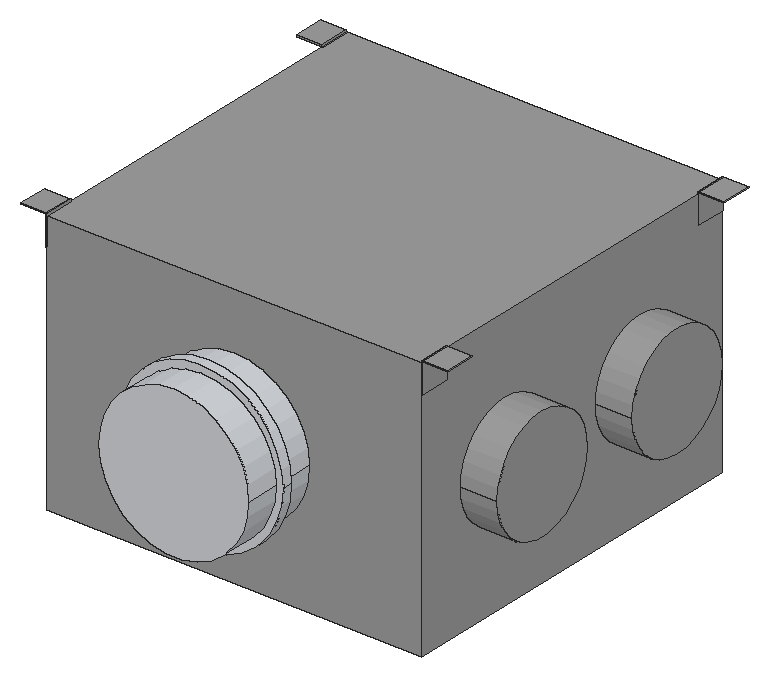
Revit family "SA_FASU(F4-150 200Φ)", category ダクト付属品, Revit 2022
Family settings
  丸型コネクタ寸法 = 直径を使用
  パーツ タイプ = ダンパー
  OmniClass 番号 = 23.75.00.00
  OmniClass タイトル = Climate Control (HVAC)
  作業面ベース = いいえ
  常に垂直 = はい
  ロード時にボイドで切り取り = いいえ
  共有 = いいえ
Parameters
  高さ = 350 mm
  風量 = 0.0 L/s
  符号 = "FASU"
  形式 = "F4-150 200φ"
  幅 [instance] = 500 mm
  奥行き = 500 mm
  大きさ = 200 mm
  呼称 = "FASUチャンバー"
  付属品_下端レベル [instance] = 0 mm
  マテリアル [instance] = 既定値
  ダクト_イン = 200 mm
  ダクト_アウト = 150 mm
  既定の高さ = 0 mm
Reference planes
  plane 1 "中心(正面/背面)": y = 0
  plane 2: z = 0
  plane 3 "中心(左/右)": x = 0
  plane 4: x = -250
  plane 5: x = 250
  plane 6: y = -500
  plane 7: z = 350
  plane 8: z = 175
  plane 9: z = 266.963
  plane 10: z = 86.159
  plane 11: x = -251
  plane 12: z = 313.122
  plane 13: z = 352.122
  plane 14: y = -250
Forms (mm)
  Extrusion 1, solid, material "既定値" <- "マテリアル"
    sketch origin (0, 0, 0) x (1, 0, 0) y (0, 1, 0)
      loop
        line (-250, 0) -> (-250, -500) -> (250, -500) -> (250, 0) -> (-250, 0)
    from 0 to 350
  Extrusion 2, solid, material "既定値" <- "マテリアル"
    sketch origin (0, -30, 0) x (0, 1, 0) y (0, 0, 1)
      loop
        circle (-332.5, 175) r 74.985
    from -300 to -250
  Extrusion 3, solid, material "既定値" <- "マテリアル"
    sketch origin (550, -30, 0) x (0, 1, 0) y (0, 0, 1)
      loop
        circle (-332.5, 175) r 74.985
    from -300 to -250
  Extrusion 4, solid, material "既定値" <- "マテリアル"
    sketch origin (0, -30, 0) x (1, 0, 0) y (0, 1, 0)
      loop
        line (-250, 30) -> (-251, 30) -> (-251, -10) -> (-250, -10) -> (-250, 30)
    from 313.122 to 350
  Extrusion 5, solid, material "既定値" <- "マテリアル"
    sketch origin (0, -30, 0) x (1, 0, 0) y (0, 1, 0)
      loop
        line (-285, 30) -> (-285, -10) -> (-251, -10) -> (-251, 30) -> (-285, 30)
    from 352.122 to 350
  Extrusion 6, solid, material "既定値" <- "マテリアル"
    sketch origin (0, -30, 0) x (-1, 0, 0) y (0, -1, 0)
      loop
        line (-250, -30) -> (-250, 10) -> (-251, 10) -> (-251, -30) -> (-250, -30)
    from 313.122 to 353.122
  Extrusion 7, solid, material "既定値" <- "マテリアル"
    sketch origin (0, -30, 0) x (-1, 0, 0) y (0, -1, 0)
      loop
        line (-285, -30) -> (-251, -30) -> (-251, 10) -> (-285, 10) -> (-285, -30)
    from 352.122 to 353.122
  Extrusion 8, solid, material "既定値" <- "マテリアル"
    sketch origin (0, -490, 0) x (1, 0, 0) y (0, 1, 0)
      loop
        line (-285, 30) -> (-285, -10) -> (-251, -10) -> (-251, 30) -> (-285, 30)
    from 352.122 to 353.122
  Extrusion 9, solid, material "既定値" <- "マテリアル"
    sketch origin (0, -490, 0) x (1, 0, 0) y (0, 1, 0)
      loop
        line (-250, 30) -> (-251, 30) -> (-251, -10) -> (-250, -10) -> (-250, 30)
    from 313.122 to 353.122
  Extrusion 10, solid, material "既定値" <- "マテリアル"
    sketch origin (0, -490, 0) x (-1, 0, 0) y (0, -1, 0)
      loop
        line (-285, -30) -> (-251, -30) -> (-251, 10) -> (-285, 10) -> (-285, -30)
    from 352.122 to 353.122
  Extrusion 11, solid, material "既定値" <- "マテリアル"
    sketch origin (0, -490, 0) x (-1, 0, 0) y (0, -1, 0)
      loop
        line (-250, -30) -> (-250, 10) -> (-251, 10) -> (-251, -30) -> (-250, -30)
    from 313.122 to 353.122
  Extrusion 12, solid, material "既定値" <- "マテリアル"
    sketch origin (550, -470, 0) x (0, -1, 0) y (0, 0, -1)
      loop
        circle (-332.5, -175) r 74.985
    from -300 to -250
  Extrusion 13, solid, material "既定値" <- "マテリアル"
    sketch origin (-550, -470, 0) x (0, -1, 0) y (0, 0, 1)
      loop
        circle (-332.5, 175) r 74.985
    from -300 to -250
  Extrusion 14, solid
    sketch origin (945.05, 0, 42.896) x (1, 0, 0) y (0, 0, 1)
      loop
        circle (-945.05, 132.104) r 100
    from 500 to 542.5
  Extrusion 15, solid
    sketch origin (945.05, -57.5, 42.896) x (1, 0, 0) y (0, 0, 1)
      loop
        circle (-945.05, 132.104) r 100
    from 497.907 to 542.5
  Extrusion 16, solid
    sketch origin (0, 0, 0) x (1, 0, 0) y (0, 0, 1)
      loop
        circle (0, 175) r 110
    from 542.5 to 555.407
Lines and regions (mm)
  model lines
    curve 1: line (-250, -30, 0) -> (250, -30, 0)
    curve 2: line (-250, -470, 0) -> (250, -470, 0)
Text (mm)
  text "FASU(F4-150 200Φ)" at (120.822, -450.782, 0), in view "参照レベル"
Dimensions and locks
  equal spacing: plane 4, plane 3 "中心(左/右)", plane 5
  "幅": plane 4 to plane 5
  "奥行き": plane 6 to plane 1 "中心(正面/背面)"
  "高さ": plane 7 to level
  equal spacing: plane 7, plane 8, level
  equal spacing: plane 6, plane 14, plane 1 "中心(正面/背面)"
  aligned and locked: level to plane 2
  aligned and locked: Extrusion 1 sketch curve to plane 5
  aligned and locked: plane 7 to Extrusion 1
  aligned and locked: plane 4 to Extrusion 2
  aligned and locked: Extrusion 3 to plane 5
  aligned and locked: Extrusion 4 sketch curve to Extrusion 1
  aligned and locked: plane 7 to Extrusion 4
  aligned and locked: Extrusion 5 sketch curve to Extrusion 4
  aligned and locked: Extrusion 4 to Extrusion 5 sketch curve
  aligned and locked: plane 7 to Extrusion 5
  aligned and locked: Extrusion 5 to plane 13
  aligned and locked: Extrusion 6 to Extrusion 7 sketch curve
  aligned and locked: Extrusion 7 sketch curve to Extrusion 6
  aligned and locked: Extrusion 1 to Extrusion 10
  aligned and locked: Extrusion 8 to Extrusion 1
  aligned and locked: Extrusion 9 to Extrusion 1
  aligned and locked: Extrusion 1 to Extrusion 11
  aligned and locked: Extrusion 11 to Extrusion 10
  aligned and locked: Extrusion 9 to Extrusion 8
  aligned and locked: plane 4 to Extrusion 9
  aligned and locked: Extrusion 11 to plane 5
  aligned and locked: plane 4 to curve 1
  aligned and locked: plane 5 to curve 1
  aligned and locked: plane 5 to curve 2
  aligned and locked: plane 4 to curve 2
  aligned and locked: Extrusion 1 to Extrusion 5
  aligned and locked: Extrusion 7 to Extrusion 1
  aligned and locked: Extrusion 6 to plane 5
  aligned and locked: Extrusion 1 to plane 6
  aligned and locked: Extrusion 1 to plane 1 "中心(正面/背面)"
  aligned and locked: Extrusion 12 to plane 5
  aligned and locked: plane 4 to Extrusion 13
  aligned and locked: plane 6 to Extrusion 14
  aligned and locked: Extrusion 14 to Extrusion 16
  aligned and locked: Extrusion 16 to Extrusion 15
Automatic sketch dimensions
  plane 6 to curve 2 = 30 mm
  plane 1 "中心(正面/背面)" to curve 1 = 30 mm
  Extrusion 1 sketch curve to plane 4 = 0 mm
  Extrusion 1 sketch curve to plane 6 = 0 mm
  plane 1 "中心(正面/背面)" to Extrusion 1 sketch curve = 0 mm
  Extrusion 2 sketch curve to plane 8 = 0 mm
  Extrusion 2 sketch curve to plane 14 = 112.5 mm
  Extrusion 3 sketch curve to plane 8 = 0 mm
  Extrusion 3 sketch curve to plane 14 = 112.5 mm
  plane 1 "中心(正面/背面)" to Extrusion 4 sketch curve = 0 mm
  Extrusion 4 sketch curve to plane 11 = 0 mm
  Extrusion 4 sketch curve to Extrusion 4 sketch curve = 40 mm
  plane 1 "中心(正面/背面)" to Extrusion 5 sketch curve = 0 mm
  Extrusion 5 sketch curve to Extrusion 5 sketch curve = 34 mm
  plane 1 "中心(正面/背面)" to Extrusion 6 sketch curve = 0 mm
  Extrusion 6 sketch curve to plane 5 = 0 mm
  Extrusion 6 sketch curve to Extrusion 6 sketch curve = 1 mm
  Extrusion 6 sketch curve to Extrusion 6 sketch curve = 40 mm
  plane 1 "中心(正面/背面)" to Extrusion 7 sketch curve = 0 mm
  Extrusion 7 sketch curve to Extrusion 7 sketch curve = 34 mm
  Extrusion 8 sketch curve to plane 6 = 0 mm
  Extrusion 8 sketch curve to plane 11 = 0 mm
  Extrusion 8 sketch curve to Extrusion 8 sketch curve = 34 mm
  plane 6 to Extrusion 8 sketch curve = 40 mm
  Extrusion 9 sketch curve to plane 11 = 0 mm
  Extrusion 9 sketch curve to plane 4 = 0 mm
  Extrusion 9 sketch curve to plane 6 = 0 mm
  plane 6 to Extrusion 9 sketch curve = 40 mm
  Extrusion 10 sketch curve to plane 6 = 0 mm
  Extrusion 10 sketch curve to plane 5 = 35 mm
  Extrusion 10 sketch curve to plane 5 = 1 mm
  Extrusion 10 sketch curve to plane 6 = 40 mm
  Extrusion 11 sketch curve to plane 6 = 0 mm
  Extrusion 11 sketch curve to plane 5 = 0 mm
  Extrusion 11 sketch curve to Extrusion 11 sketch curve = 1 mm
  Extrusion 11 sketch curve to plane 6 = 40 mm
  Extrusion 12 sketch curve to plane 8 = 0 mm
  plane 14 to Extrusion 12 sketch curve = 112.5 mm
  Extrusion 13 sketch curve to plane 8 = 0 mm
  plane 14 to Extrusion 13 sketch curve = 112.5 mm
  Extrusion 14 sketch curve to plane 3 "中心(左/右)" = 0 mm
  Extrusion 14 sketch curve to plane 8 = 0 mm
  Extrusion 15 sketch curve to plane 3 "中心(左/右)" = 0 mm
  plane 8 to Extrusion 15 sketch curve = 0 mm
  Extrusion 16 sketch curve to plane 3 "中心(左/右)" = 0 mm
  Extrusion 16 sketch curve to plane 8 = 0 mm
  radius of Extrusion 2 sketch curve = 74.985 mm
  radius of Extrusion 3 sketch curve = 74.985 mm
  radius of Extrusion 12 sketch curve = 74.985 mm
  radius of Extrusion 13 sketch curve = 74.985 mm
  radius of Extrusion 14 sketch curve = 100 mm
  radius of Extrusion 15 sketch curve = 100 mm
  radius of Extrusion 16 sketch curve = 110 mm
Connectors
  hvac at (-300, -362.5, 175), driven by "ダクト_アウト"
    settings: on Extrusion 2, index 1, duct flow 0.0 L/s, flow factor 0, pres drop 0.0 Pa, loss coef 0, conn angle 0.00°, conn width 304.8 mm, conn height 304.8 mm, conn diameter 150 mm, duct sys type 29, conn prof type 0, flow config 0, flow direction 2, loss method 0, conn ref index -1, conn util no, is conn primary yes, conn desc ""
  hvac at (-300, -137.5, 175), driven by "ダクト_アウト"
    settings: on Extrusion 13, index 2, duct flow 0.0 L/s, flow factor 0, pres drop 0.0 Pa, loss coef 0, conn angle 0.00°, conn width 304.8 mm, conn height 304.8 mm, conn diameter 150 mm, duct sys type 29, conn prof type 0, flow config 0, flow direction 2, loss method 0, conn ref index -1, conn util no, is conn primary no, conn desc ""
  hvac at (300, -362.5, 175), driven by "ダクト_アウト"
    settings: on Extrusion 3, index 3, duct flow 0.0 L/s, flow factor 0, pres drop 0.0 Pa, loss coef 0, conn angle 0.00°, conn width 304.8 mm, conn height 304.8 mm, conn diameter 150 mm, duct sys type 29, conn prof type 0, flow config 0, flow direction 2, loss method 0, conn ref index -1, conn util no, is conn primary no, conn desc ""
  hvac at (300, -137.5, 175), driven by "ダクト_アウト"
    settings: on Extrusion 12, index 4, duct flow 0.0 L/s, flow factor 0, pres drop 0.0 Pa, loss coef 0, conn angle 0.00°, conn width 304.8 mm, conn height 304.8 mm, conn diameter 150 mm, duct sys type 29, conn prof type 0, flow config 0, flow direction 2, loss method 0, conn ref index -1, conn util no, is conn primary no, conn desc ""
  hvac at (0, -600, 175)
    settings: on Extrusion 15, index 5, duct flow 0.0 L/s, flow factor 0, pres drop 0.0 Pa, loss coef 0, conn angle 0.00°, conn width 304.8 mm, conn height 304.8 mm, conn diameter 200 mm, duct sys type 29, conn prof type 0, flow config 0, flow direction 1, loss method 0, conn ref index -1, conn util no, is conn primary no, conn desc ""
